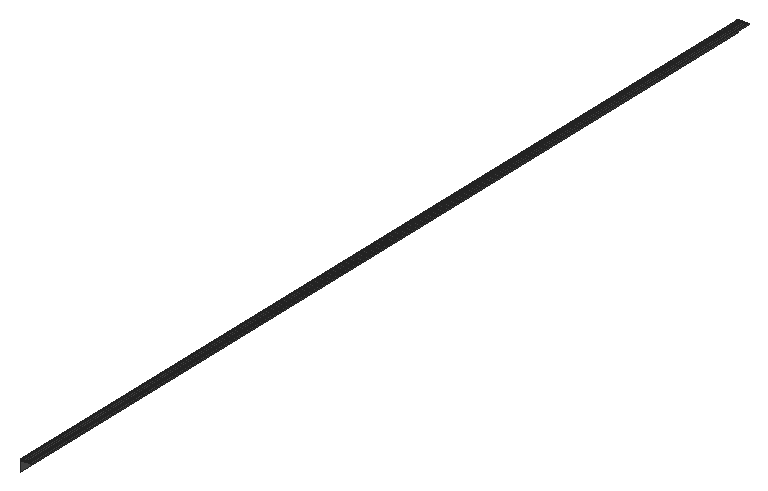
Revit family "111213003058804", category Modelos genéricos, Revit 2018
Family settings
  Puede alojar armadura = No
  Cota de conector redondo = Diámetro de uso
  Tipo de pieza = Normal
  Se basa en plano de trabajo = No
  Siempre vertical = No
  Corte con vacíos al cargar = No
  Compartido = No
  Punto de cálculo de habitación = No
Parameters (values of type "NARIZ DE GRADA PVC 37X37MM NEGRO TIRA 3.0MT")
  Ventajas = "Autoextinguible"
  Uso = "Se utiliza para instalarlos en los vértices de las escaleras hechas de cerámica, metal,\r\npiso vinílico, entre otros. Con el objetivo de generar una solución antideslizante y así evitar\r\naccidentes."
  Unidad = "Tiras de 1.20 Mts y 3.00 Mts."
  URL = "https://www.empresascnp.cl/"
  Num SKUs = "111213003058804"
  Nombre SKU = "NARIZ DE GRADA PVC 37X37MM NEGRO TIRA 3.0MT"
  Modelo = "NARIZ DE GRADA PVC 37X37MM"
  Material = PVC flexible negro
  Url Ficha tecnica = "https://empresascnp.cl/wp-content/uploads//pdf/ficha-tecnica-nariz-de-grada-pvc-37x37mm-negro-tira-1-2mt.pdf"
  Largo = 3000.00 mm
  Espesor = 2.00 mm
  Empresa = "CNP SPA."
  Dureza = "80 shore A"
  Dimension = 37.00 mm
  Descripción = "Nariz de grada PVC 37x37 MM"
  Contacto = "info@empresascnp.cl"
  Color = "Negro"
  Aplicacion = "Escaleras"
Reference planes
  plane 1 "Center F/B": y = 0
  plane 2: z = 0
  plane 3 "Center L/R": x = 0
  plane 4: z = -37
  plane 5 "2": y = 1500
  plane 6 "3": y = -1500
  plane 7: x = 37
  plane 8: z = -2
  plane 9 "4": x = 2
Forms (mm)
  Extrusion 1, solid, material "PVC flexible negro" <- "Material"
    sketch origin (0, 0, 0) x (1, 0, 0) y (0, 0, 1)
      loop
        line (0, -2) -> (0, -37) -> (2, -37) -> (2, -5)
        arc (2, -5) -> (2.879, -2.879) -> (5, -2) r 3
        line (5, -2) -> (37, -2) -> (37, 0) -> (36, 0) -> (36, 1) -> (35, 1) -> (35, 0) -> (34, 0) -> (34, 1) -> (33, 1) -> (33, 0) -> (32, 0) -> (32, 1) -> (31, 1) -> (31, 0) -> (30, 0) -> (30, 1) -> (29, 1) -> (29, 0) -> (28, 0) -> (28, 1) -> (27, 1) -> (27, 0) -> (26, 0) -> (26, 1) -> (25, 1) -> (25, 0) -> (24, 0) -> (24, 1) -> (23, 1) -> (23, 0) -> (22, 0) -> (22, 1) -> (21, 1) -> (21, 0) -> (20, 0) -> (20, 1) -> (19, 1) -> (19, 0) -> (18, 0) -> (18, 1) -> (17, 1) -> (17, 0) -> (16, 0) -> (16, 1) -> (15, 1) -> (15, 0) -> (14, 0) -> (14, 1) -> (13, 1) -> (13, 0) -> (12, 0) -> (12, 1) -> (11, 1) -> (11, 0) -> (10, 0) -> (10, 1) -> (9, 1) -> (9, 0) -> (8, 0) -> (8, 1) -> (7, 1) -> (7, 0) -> (6, 0) -> (6, 1) -> (5, 1) -> (5, 0) -> (4, 0) -> (4, 1) -> (3, 1)
        arc (3, 1) -> (0.879, 0.121) -> (0, -2) r 3
    from -1500 to 1500
Dimensions and locks
  "Dimension": level to plane 4
  equal spacing: plane 6 "3", plane 1 "Center F/B", plane 5 "2"
  "Largo": plane 6 "3" to plane 5 "2"
  "Dimension": plane 7 to plane 3 "Center L/R"
  "Espesor": plane 2 to Extrusion 1 sketch curve
  "Espesor": Extrusion 1 sketch curve to plane 3 "Center L/R"
  aligned and locked: plane 6 "3" to Extrusion 1
  aligned and locked: Extrusion 1 to plane 5 "2"
  aligned and locked: Extrusion 1 sketch curve to plane 3 "Center L/R"
  aligned and locked: Extrusion 1 sketch curve to plane 7
  aligned and locked: plane 4 to Extrusion 1 sketch curve
Automatic sketch dimensions
  Extrusion 1 sketch curve to plane 8 = 0.00 mm
  Extrusion 1 sketch curve to level = 0.00 mm  (x17)
  level to Extrusion 1 sketch curve = 1.00 mm
  Extrusion 1 sketch curve to Extrusion 1 sketch curve = 1.00 mm  (x47)
  Extrusion 1 sketch curve to Extrusion 1 sketch curve = 3.00 mm
  Extrusion 1 sketch curve to plane 7 = 1.00 mm
  Extrusion 1 sketch curve to Extrusion 1 sketch curve = 0.00 mm
